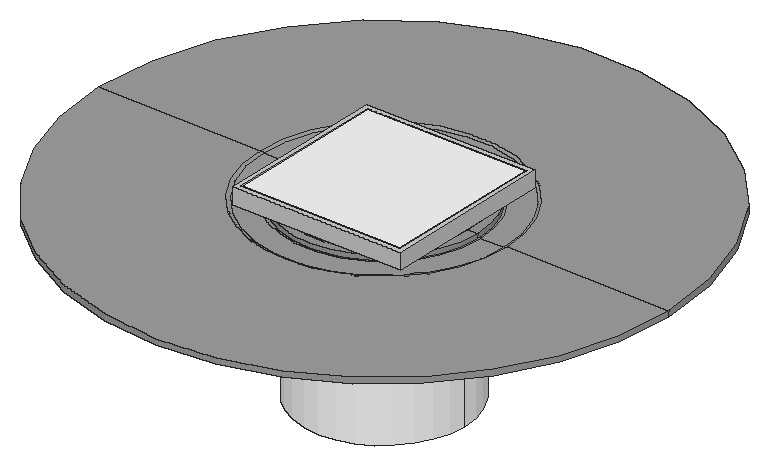
Revit family "HL_Трап для внутренних помещений_HL72.1H", category Instalační zařizovací předměty, Revit 2016
Family settings
  Typ součásti = Normální
  Kóta kulaté spojky = Použít průměr
  Číslo OmniClass = 23.70.50.21.24.14
  Nadpis OmniClass = Deck Waste Water Drains
  Založené na pracovní rovině = Ne
  Vždy vertikální = Ano
  Ořezat dutým tvarem při načtení = Ne
  Sdílené = Ano
  Bod výpočtu místnosti = Ano
Parameters (values of type "HL72.1H")
  РЕШЁТКА = "138x138mm / Kunststoff"
  РАЗМЕР = "DN75/110"
  ПРОПУСКНАЯ СПОСОБНОСТЬ = 1.5 L/s
  ПРОИЗВОДИТЕЛЬНОСТЬ = "1,5 l/s"
  ПРАВОВАЯ ИНФОРМАЦИЯ = "Авторские права(©), права на дизайн или какие либо другие права интелектуальной собственности являются исключительной собственностью компании HL Hutterer & Lechner. Изменению не подлежит. Файл семейства с данными о прозводителе изделия защищен паролем с водяным знаком."  # constant formula
  НОМИНАЛЬНЫЙ ДИАМЕТР = 110 mm
  НАСАДКА = "20-70mm / 147x147mm / PP"
  МАТЕРИАЛ = "PP"
  МАКСИМАЛЬНАЯ НАГРУЗКА КЛАССА = "K3 - 300 kg"
  ВЫСОТА МОНТАЖА = "170mm"
  ВЕС = "2,08 [kg]"
  Připojení ventilace = no
  Výrobce = "HL Hutterer & Lechner GmbH"  # constant formula
  URL = "http://www.hutterer-lechner.com/ru/products/catalog/floor-drains/attachments/HL72.1h.aspx"
  Připojení odpadu = yes
  Připojení HW = no
  Popis = "Трапы для внутренних помещений"
  Model = "HL72.1H"
  Komentáře k typům = "HL72.1H Трап для внутренних помещений DN75/110 горизонтальный с битумным полотном, 147х147мм/138х138 синтетический материал."
  Keynote = "HL72.1H"
  Высота монтажа [instance] = 170 mm
  EAN = "9003076997213"
  E = НОМИНАЛЬНЫЙ ДИАМЕТР = 110 mm  # yes
  DN_test [instance] = if(or(НОМИНАЛЬНЫЙ ДИАМЕТР = 75 mm, НОМИНАЛЬНЫЙ ДИАМЕТР = 110 mm), 30 mm, 0 mm)  # 30 mm
  Připojení CW = no
  C [instance] = if(НОМИНАЛЬНЫЙ ДИАМЕТР = 75 mm, 153.7 mm, 187 mm)  # 187 mm
  B [instance] = if(НОМИНАЛЬНЫЙ ДИАМЕТР = 110 mm, Высота монтажа - 66.1 mm, Высота монтажа - 72.1 mm)  # 103.9 mm
  A [instance] = if(B - 100 mm > 15 mm, B - 100 mm, 15 mm)  # 15 mm
Reference planes
  plane 1 "Center (Front/Back)": y = 0
  plane 2: z = 0
  plane 3 "Center (Left/Right)": x = 0
  plane 4 "Ball Joint Vertical": x = 25.45
  plane 5: z = -170
  plane 6: z = -103.9
Lines and regions (mm)
  model lines, style "InvisibleLines"
    curve 1: line (0, 0, 0) -> (0, 0, 1000)
  reference lines
    curve 2: line (0, 0, -103.9) -> (-187, 0, -103.9)
  model lines, detail levels coarse+medium
    curve 3: line (0, 0, -103.9) -> (0, 0, -88.9)
    curve 4: line (0, 0, -88.9) -> (88.9, 0, 0)
    curve 5: line (0, 0, -88.9) -> (-88.9, 0, 0)
    curve 23: line (0, 0, -103.9) -> (-187, 0, -103.9)
  symbolic lines, detail levels coarse+medium
    curve 6: line (-75, 75, 0) -> (75, 75, 0)
    curve 7: line (-75, -75, 0) -> (-75, 75, 0)
    curve 8: line (75, -75, 0) -> (-75, -75, 0)
    curve 9: line (75, 75, 0) -> (75, -75, 0)
    curve 10: line (75, 75, 0) -> (145.711, 145.711, 0)
    curve 11: line (75, -75, 0) -> (145.711, -145.711, 0)
    curve 12: line (-75, 75, 0) -> (-145.711, 145.711, 0)
    curve 13: line (-75, -75, 0) -> (-145.711, -145.711, 0)
  symbolic lines, not visible, detail levels coarse+medium
    curve 14: line (-75, 75, 0) -> (75, 75, 0)
    curve 15: line (-75, -75, 0) -> (-75, 75, 0)
    curve 16: line (75, -75, 0) -> (-75, -75, 0)
    curve 17: line (75, 75, 0) -> (75, -75, 0)
    curve 18: line (75, 75, 0) -> (145.711, 145.711, 0)
    curve 19: line (75, -75, 0) -> (145.711, -145.711, 0)
    curve 20: line (-75, 75, 0) -> (-145.711, 145.711, 0)
    curve 21: line (-75, -75, 0) -> (-145.711, -145.711, 0)
  symbolic lines, style "InvisibleLines", not visible
    curve 22: line (0, 0, 0) -> (0, 0, -30)
Text (mm)
  text "ROOF/FLOOR" at (-198.233, 0, -26.556), in view "Drain Construction View"
Dimensions and locks
  locked: plane 4 "Ball Joint Vertical" to plane 3 "Center (Left/Right)" at 25.45
  "Высота монтажа": plane 2 to plane 5
  "A": curve 5 to plane 6
  "B": curve 5 to plane 6
  "B": curve 4 to plane 6
  "B": plane 2 to plane 6
  locked: nested 1 to plane 5
  locked: nested 3 to plane 5 at 11.05
  "DN_test": curve 22 to curve 22
  "C": plane 3 "Center (Left/Right)" to curve 23
  "C": plane 3 "Center (Left/Right)" to curve 2
  locked: curve 4 to plane 3 "Center (Left/Right)" (angle 45.00°)
  locked: plane 3 "Center (Left/Right)" to curve 5 (angle 45.00°)
  aligned and locked: level to plane 2
  aligned and locked: plane 2 to curve 1
  aligned and locked: plane 3 "Center (Left/Right)" to curve 1
  aligned and locked: plane 3 "Center (Left/Right)" to curve 2
  aligned and locked: plane 3 "Center (Left/Right)" to curve 3
  aligned and locked: plane 3 "Center (Left/Right)" to curve 5
  aligned and locked: nested 1 to nested 4
  aligned and locked: plane 6 to curve 23
Automatic sketch dimensions
  level to curve 1 = 1000 mm
  curve 2 to plane 6 = 0 mm
Nested families
  nested 1: "HL_Корпус для трапа внутренних помещений_HL72.1KH" at (0, 0, -14.2), type "HL72.1KH_Main Component"
  nested 2: "HL_Насадка_HL0317.2E" at (0, 0, 0), type "HL0317.2E_Main Component"
    with Высота монтажа 49.5 mm, ВМ_Тест yes, ВМ 69.5 mm
  nested 3: "HL_Уменьшение_HL0317.4E" at (-113, 0, -158.95) x (-1, 0, 0) z (0, 0, -1), visible <- "E", type "HL0317.4E_Main Component"
  nested 4: "HL_Песколовка_HL0317.5E" at (0, 0, -20.45), type "HL0317.5E_Main Component"
  nested 5: "HL_Решётка_HL072.1E" at (0, 0, 0), type "HL072.1E_Main Component"
Connectors
  piping at (-187, 0, -103.9), diameter 110, driven by "ПРОПУСКНАЯ СПОСОБНОСТЬ", driven by "НОМИНАЛЬНЫЙ ДИАМЕТР"
    settings: on curve 2, index 1, connector inside diameter 609.6 mm, connector length 0 mm, flow factor 0, pipe flow 1.5 L/s, pressure drop 0.0 Pa, fitting loss kfactor 0, connector angle 0.00°, fixture units 0, engagement length 0 mm, angle of deflection 0.00°, flow configuration 1, flow direction 2, fitting loss method 0, system type 16, joint type 0, gender type 0, connector reference index -1, connector utility 0, adjustable connector yes, is connector primary yes, connector description ""
Definition of nested family "HL_Корпус для трапа внутренних помещений_HL72.1KH"
  Parameters (values of type "HL72.1KH")
    РАЗМЕР = "DN75/110"
    ПРОИЗВОДИТЕЛЬНОСТЬ = "1,5 l/s"
    ПРАВОВАЯ ИНФОРМАЦИЯ = "Авторские права(©), права на дизайн или какие либо другие права интелектуальной собственности являются исключительной собственностью компании HL Hutterer & Lechner. Изменению не подлежит. Файл семейства с данными о прозводителе изделия защищен паролем с водяным знаком."  # constant formula
    МАТЕРИАЛ = "PP"
    ВЫСОТА МОНТАЖА = "150mm"
    ВЕС = "1,57 [kg]"
    Waste Connection = yes
    Vent Connection = no
    Manufacturer = "HL Hutterer & Lechner GmbH"  # constant formula
    URL = "http://www.hutterer-lechner.com/ru/Products/catalog/floor-drains/attachments/HL72.1KH.aspx"
    HW Connection = no
    Description = "Трапы для внутренних помещений - Комплектующие"
    Model = "HL72.1KH"
    Type Comments = "HL72.1KH"
    Keynote = "HL72.1KH"
    EAN = "9003076008995"
    CW Connection = no
  Reference planes
    plane 1 "Center (Front/Back)": y = 0
    plane 2: z = 0
    plane 3 "Center (Left/Right)": x = 0
    plane 4 "Ball Joint Vertical": x = 25.45
  Forms (mm)
    Revolve 1, solid, detail levels fine
      sketch origin (0, 0, 0) x (1, 0, 0) y (0, 0, 1)
        loop
          line (0, -155.8) -> (71, -155.8) -> (71, -40.3) -> (83.205, -40.3) -> (89.5, -26.8) -> (89.5, -17) -> (94.734, -17) -> (95.169, -8.715) -> (79.5, -8.715) -> (79.5, -35.25) -> (68, -35.25) -> (68, -37.01) -> (60.505, -37.01) -> (60.505, -46.51) -> (68, -46.51) -> (68, -152.8) -> (0, -152.8) -> (0, -155.8)
        axis (0, -8.715) -> (0, -155.8)
      angle from 0 to 360
    Revolve 2, solid, detail levels fine
      sketch origin (0, 0, 0) x (1, 0, 0) y (0, 0, 1)
        loop
          line (95.169, -8.715) -> (109.454, -7.465) -> (147.749, -6.796) -> (250, -6.796) -> (250, -1.759) -> (108.368, -1.759)
          arc (108.368, -1.759) -> (107.012, -2.429) -> (105.528, -2.714) r 5.645
          line (105.528, -2.714) -> (85.378, -3.066)
          arc (85.378, -3.066) -> (83.904, -3.254) -> (82.5, -3.74) r 7.21
          line (82.5, -3.74) -> (82.5, -8.715) -> (95.169, -8.715)
        axis (0, -1.759) -> (0, -8.715)
      angle from 0 to 360
    Revolve 3, solid, detail levels fine
      sketch origin (0, 0, 0) x (1, 0, 0) y (0, 0, 1)
        loop
          line (82.5, 0) -> (74.9, 0)
          arc (74.9, 0) -> (72.291, -1.519) -> (72.325, -4.538) r 3
          line (72.325, -4.538) -> (72.999, -6.497) -> (72.999, -35.25) -> (79.5, -35.25) -> (79.5, -8.715) -> (82.5, -8.715) -> (82.5, 0)
        axis (0, 0) -> (0, -35.25)
      angle from 0 to 360
    Revolve 4, solid, detail levels fine
      sketch origin (0, 0, 0) x (1, 0, 0) y (0, 0, 1)
        loop
          line (-153.7, -46.25) -> (-153.7, -49.25) -> (-42.114, -49.25) -> (-42.114, -46.25) -> (-153.7, -46.25)
        axis (-153.7, -83.75) -> (-42.114, -83.75)
      angle from 0 to 360
    Extrusion 5, solid, detail levels fine
      sketch origin (0, 0, 0) x (1, 0, 0) y (0, 1, 0)
        loop
          circle (0, 0) r 60.505
      from -46.51 to -45.51
    Extrusion 6, void
      sketch origin (0, 0, 0) x (1, 0, 0) y (0, 1, 0)
        loop
          line (35.837, 48.75) -> (-19.675, 48.75) -> (-19.675, -48.75) -> (35.837, -48.75)
          arc (35.837, -48.75) -> (40.91, -44.579) -> (45.5, -39.883) r 60.505
          line (45.5, -39.883) -> (45.5, 39.883)
          arc (45.5, 39.883) -> (40.91, 44.579) -> (35.837, 48.75) r 60.505
      from -63.873 to -26.8
    Extrusion 7, solid, detail levels fine
      sketch origin (0, 0, 0) x (1, 0, 0) y (0, 1, 0)
        loop
          arc (35.837, 48.75) -> (34.778, 49.512) -> (33.702, 50.25) r 60.505
          line (33.702, 50.25) -> (-4.07, 50.25) -> (-4.07, 48.75) -> (35.837, 48.75)
        loop
          line (-4.07, -48.75) -> (-4.07, -50.25) -> (33.702, -50.25)
          arc (33.702, -50.25) -> (34.778, -49.512) -> (35.837, -48.75) r 60.505
          line (35.837, -48.75) -> (-4.07, -48.75)
        loop
          line (45.5, 39.883) -> (45.5, -39.883)
          arc (45.5, -39.883) -> (46.259, -39) -> (47, -38.103) r 60.505
          line (47, -38.103) -> (47, 38.103)
          arc (47, 38.103) -> (46.259, 39) -> (45.5, 39.883) r 60.505
      from -134.01 to -46.51
    Extrusion 8, solid, detail levels fine
      sketch origin (0, 0, 0) x (1, 0, 0) y (0, 0, 1)
        loop
          line (-21, -46.51) -> (-5.571, -134.01) -> (-4.07, -134.01) -> (-19.499, -46.51) -> (-21, -46.51)
      from 50.25 to -50.25
    Extrusion 9, solid, detail levels fine
      sketch origin (0, 0, 0) x (1, 0, 0) y (0, 0, 1)
        loop
          line (-4.07, -134.01) -> (-4.07, -46.51) -> (-19.499, -46.51) -> (-4.07, -134.01)
      from -48.75 to -50.25
    Extrusion 10, solid, detail levels fine
      sketch origin (0, 0, 0) x (1, 0, 0) y (0, 0, 1)
        loop
          line (-4.07, -46.51) -> (-19.499, -46.51) -> (-4.07, -134.01) -> (-4.07, -46.51)
      from 48.75 to 50.25
    Extrusion 11, void
      sketch origin (0, 0, 0) x (0, 1, 0) y (0, 0, 1)
        loop
          circle (0, -83.75) r 34.5
      from -42.114 to -128.469
    Revolve 12, void
      sketch origin (0, 0, 0) x (1, 0, 0) y (0, 0, 1)
        loop
          line (0, -129.446) -> (68, -129.446) -> (68, 17.174) -> (0, 17.174) -> (0, -129.446)
        axis (0, 17.174) -> (0, -129.446)
      angle from 0 to 360
    Extrusion 13, solid, detail levels fine
      sketch origin (0, 0, 0) x (1, 0, 0) y (0, 1, 0)
        loop
          arc (-30.916, 60.566) -> (-32.179, 59.904) -> (-33.429, 59.216) r 68
          arc (-33.429, 59.216) -> (-42.009, 0) -> (-33.429, -59.216) r 208.633
          arc (-33.429, -59.216) -> (-32.184, -59.901) -> (-30.926, -60.56) r 68
          arc (-30.926, -60.56) -> (-39.972, 0.003) -> (-30.916, 60.566) r 207.146
      from -75.3 to -152.8
  Cuts and joins
    Extrusion 11 cuts Revolve 1
    Extrusion 6 cuts Extrusion 5
    joined: Revolve 1, Extrusion 5, Extrusion 7, Extrusion 8, Extrusion 9, Extrusion 10, Extrusion 13
    Revolve 12 cuts Revolve 4
  Lines and regions (mm)
    model lines, detail levels fine
      curve 1: line (-5.307, 98.186, -1.759) -> (-3.194, 98.186, -1.759)
      curve 2: line (-4.093, 97.29, -1.759) -> (-5.307, 97.29, -1.759)
      curve 3: line (-4.093, 97.29, -1.759) -> (-4.093, 93.786, -1.759)
      curve 4: line (-3.194, 98.186, -1.759) -> (-3.194, 93.786, -1.759)
      curve 5: line (-1.279, 97.732, -1.759) -> (-1.279, 96.767, -1.759)
      curve 6: line (-2.179, 97.732, -1.759) -> (-2.179, 93.786, -1.759)
      curve 7: arc (-2.179, 97.732, -1.759) -> (-1.729, 98.182, -1.759) -> (-1.279, 97.732, -1.759) r 0.45
      curve 8: arc (-2.179, 93.786, -1.759) -> (-1.729, 93.336, -1.759) -> (-1.279, 93.786, -1.759) r 0.45
      curve 9: arc (-0.662, 96.154, -1.759) -> (-1.096, 96.333, -1.759) -> (-1.275, 96.767, -1.759) r 0.613
      curve 10: line (-1.279, 93.786, -1.759) -> (-1.279, 94.751, -1.759)
      curve 11: arc (-0.662, 95.364, -1.759) -> (-1.096, 95.185, -1.759) -> (-1.275, 94.751, -1.759) r 0.613
      curve 12: line (1.033, 97.732, -1.759) -> (1.033, 96.767, -1.759)
      curve 13: line (1.933, 97.732, -1.759) -> (1.933, 93.786, -1.759)
      curve 14: arc (1.933, 97.732, -1.759) -> (1.483, 98.182, -1.759) -> (1.033, 97.732, -1.759) r 0.45
      curve 15: arc (1.933, 93.786, -1.759) -> (1.483, 93.336, -1.759) -> (1.033, 93.786, -1.759) r 0.45
      curve 16: arc (0.417, 96.154, -1.759) -> (0.85, 96.333, -1.759) -> (1.03, 96.767, -1.759) r 0.613
      curve 17: line (1.033, 93.786, -1.759) -> (1.033, 94.751, -1.759)
      curve 18: arc (0.417, 95.364, -1.759) -> (0.85, 95.185, -1.759) -> (1.03, 94.751, -1.759) r 0.613
      curve 19: line (-0.662, 96.154, -1.759) -> (0.417, 96.154, -1.759)
      curve 20: line (-0.662, 95.364, -1.759) -> (0.417, 95.364, -1.759)
      curve 21: arc (-5.307, 98.186, -1.759) -> (-5.755, 97.738, -1.759) -> (-5.307, 97.29, -1.759) r 0.448
      curve 22: arc (-3.194, 93.786, -1.759) -> (-3.644, 93.337, -1.759) -> (-4.093, 93.786, -1.759) r 0.45
  Text (mm)
    text "ROOF/FLOOR" at (-198.233, 0, -26.556), in view "Drain Construction View"
  Dimensions and locks
    locked: plane 4 "Ball Joint Vertical" to plane 3 "Center (Left/Right)" at 25.45
    aligned and locked: level to plane 2
Definition of nested family "HL_Насадка_HL0317.2E"
  Parameters (values of type "HL0317.2E")
    РАЗМЕР = "d 145 mm"
    ПРАВОВАЯ ИНФОРМАЦИЯ = "Авторские права(©), права на дизайн или какие либо другие права интелектуальной собственности являются исключительной собственностью компании HL Hutterer & Lechner. Изменению не подлежит. Файл семейства с данными о прозводителе изделия защищен паролем с водяным знаком."  # constant formula
    НАСАДКА = "147x147mm"
    МАТЕРИАЛ = "PP-V2A"
    Высота монтажа [instance] = 70 mm
    ВЫСОТА МОНТАЖА = "20-70mm"
    ВМ_Тест [instance] = and(or(Высота монтажа < ВМ_Max, Высота монтажа > ВМ_Min, Высота монтажа = ВМ_Min))  # yes
    ВМ_Min = 20 mm
    ВМ_Max = 70 mm
    ВМ [instance] = if(ВМ_Тест, Высота монтажа + 20 mm, 0 mm)  # 90 mm
    ВЕС = "0,13 [kg]"
    Waste Connection = yes
    Vent Connection = no
    Manufacturer = "HL Hutterer & Lechner GmbH"  # constant formula
    URL = "http://www.hutterer-lechner.com/ru/Products/catalog/floor-drains/attachments/HL0317.2E.aspx"
    HW Connection = no
    Description = "Трапы для внутренних помещений - Комплектующие"
    Model = "HL0317.2E"
    Type Comments = "HL0317.2E Насадные подрамники d 145мм/90мм/147х147мм"
    Keynote = "HL0317.2E"
    EAN = "9003076317028"
    CW Connection = no
  Reference planes
    plane 1 "Center (Front/Back)": y = 0
    plane 2: z = 0
    plane 3 "Center (Left/Right)": x = 0
    plane 4 "Ball Joint Vertical": x = 25.45
    plane 5: z = -90
  Forms (mm)
    Extrusion 1, solid, detail levels fine
      sketch origin (0, 0, 0) x (1, 0, 0) y (0, 1, 0)
        loop
          line (69.5, 69.5) -> (-69.5, 69.5) -> (-69.5, -69.5) -> (69.5, -69.5) -> (69.5, 69.5)
        loop
          line (73.5, 73.5) -> (-73.5, 73.5) -> (-73.5, -73.5) -> (73.5, -73.5) -> (73.5, 73.5)
      from 0 to -14
    Extrusion 2, solid, detail levels fine
      sketch origin (0, 0, 0) x (1, 0, 0) y (0, 1, 0)
        loop
          line (-21.332, 69.5) -> (-69.5, 69.5) -> (-69.5, 21.332)
          arc (-69.5, 21.332) -> (-51.407, 51.407) -> (-21.332, 69.5) r 72.7
        loop
          line (69.5, 21.332) -> (69.5, 69.5) -> (21.332, 69.5)
          arc (21.332, 69.5) -> (51.407, 51.407) -> (69.5, 21.332) r 72.7
        loop
          line (21.332, -69.5) -> (69.5, -69.5) -> (69.5, -21.332)
          arc (69.5, -21.332) -> (51.407, -51.407) -> (21.332, -69.5) r 72.7
        loop
          line (-69.5, -21.332) -> (-69.5, -69.5) -> (-21.332, -69.5)
          arc (-21.332, -69.5) -> (-51.407, -51.407) -> (-69.5, -21.332) r 72.7
      from -5 to -14
    Revolve 3, solid, detail levels fine
      sketch origin (0, 0, 0) x (0, 1, 0) y (0, 0, 1)
        loop
          line (72.5, -14) -> (69.3, -14) -> (69.3, -90) -> (72.5, -90) -> (72.5, -14)
        axis (0, -14) -> (0, -90)
      angle from 0 to 360
  Cuts and joins
    joined: Extrusion 1, Extrusion 2, Revolve 3
  Lines and regions (mm)
    symbolic lines, not visible
      curve 1: line (0, 0, -90) -> (0, 0, 0)
    model lines
      curve 2: line (0, 0, 0) -> (0, 0, 100)
  Text (mm)
    text "ROOF/FLOOR" at (-198.233, 0, -26.556), in view "Drain Construction View"
  Dimensions and locks
    locked: plane 4 "Ball Joint Vertical" to plane 3 "Center (Left/Right)" at 25.45
    "ВМ": plane 2 to plane 5
    aligned and locked: level to plane 2
    aligned and locked: plane 5 to cut or joined group of Extrusion 1, Extrusion 2, Revolve 3
    aligned and locked: plane 2 to curve 1
    aligned and locked: plane 5 to curve 1
    aligned and locked: plane 3 "Center (Left/Right)" to curve 1
  Automatic sketch dimensions
    Extrusion 1 sketch curve to plane 3 "Center (Left/Right)" = 73.5 mm
    Extrusion 1 sketch curve to Extrusion 1 sketch curve = 4 mm  (x4)
    plane 4 "Ball Joint Vertical" to Extrusion 1 sketch curve = 44.05 mm
    plane 1 "Center (Front/Back)" to Extrusion 1 sketch curve = 73.5 mm
    Extrusion 1 sketch curve to plane 1 "Center (Front/Back)" = 69.5 mm
    Extrusion 2 sketch curve to Extrusion 2 sketch curve = 0 mm  (x13)
    plane 1 "Center (Front/Back)" to Extrusion 2 sketch curve = 0 mm
    Extrusion 2 sketch curve to plane 3 "Center (Left/Right)" = 0 mm
    Extrusion 2 sketch curve to plane 3 "Center (Left/Right)" = 21.332 mm  (x2)
    Extrusion 2 sketch curve to Extrusion 2 sketch curve = 48.168 mm  (x2)
    Extrusion 2 sketch curve to plane 4 "Ball Joint Vertical" = 4.118 mm  (x2)
    plane 4 "Ball Joint Vertical" to Extrusion 2 sketch curve = 44.05 mm  (x2)
    plane 1 "Center (Front/Back)" to Extrusion 2 sketch curve = 21.332 mm  (x2)
    Extrusion 2 sketch curve to plane 1 "Center (Front/Back)" = 21.332 mm
    Extrusion 2 sketch curve to plane 1 "Center (Front/Back)" = 69.5 mm
    Revolve 3 sketch curve to plane 1 "Center (Front/Back)" = 0 mm
    Revolve 3 sketch curve to plane 5 = 0 mm
    Revolve 3 sketch curve to level = 14 mm
    Revolve 3 sketch curve to plane 1 "Center (Front/Back)" = 69.3 mm
    Revolve 3 sketch curve to Revolve 3 sketch curve = 3.2 mm
    Revolve 3 sketch curve to plane 5 = 430.992 mm
    level to Revolve 3 sketch curve = 2741.474 mm
    curve 2 to curve 2 = 100 mm
Definition of nested family "HL_Уменьшение_HL0317.4E"
  Parameters (values of type "HL0317.4E")
    РАЗМЕР = "DN110xDN75"
    ПРАВОВАЯ ИНФОРМАЦИЯ = "Авторские права(©), права на дизайн или какие либо другие права интелектуальной собственности являются исключительной собственностью компании HL Hutterer & Lechner. Изменению не подлежит. Файл семейства с данными о прозводителе изделия защищен паролем с водяным знаком."  # constant formula
    МАТЕРИАЛ = "PP"
    ВЕС = "0,10 [kg]"
    Waste Connection = yes
    Vent Connection = no
    Manufacturer = "HL Hutterer & Lechner GmbH"  # constant formula
    URL = "http://www.hutterer-lechner.com/ru/Products/catalog/floor-drains/attachments/HL0317.4E.aspx"
    HW Connection = no
    Description = "Трапы для внутренних помещений - Комплектующие"
    Model = "HL0317.4E"
    Type Comments = "HL0317.4E Уменьшение DN110xDN75"
    Keynote = "HL0317.4E"
    EAN = "9003076317042"
    CW Connection = no
  Reference planes
    plane 1 "Center (Front/Back)": y = 0
    plane 2: z = 0
    plane 3 "Center (Left/Right)": x = 0
    plane 4 "Ball Joint Vertical": x = 25.45
  Forms (mm)
    Revolve 1, solid, detail levels fine
      sketch origin (0, 0, 0) x (1, 0, 0) y (0, 0, 1)
        loop
          line (74, -2.7) -> (74, 0) -> (0, 0) -> (0, -55) -> (3, -55) -> (3, -2.7) -> (74, -2.7)
        axis (74, -55) -> (0, -55)
      angle from 0 to 360
    Revolve 2, solid, detail levels fine
      sketch origin (0, 0, 0) x (1, 0, 0) y (0, 0, 1)
        loop
          line (-15, -21.165) -> (-15, -23.3) -> (39.9, -23.3) -> (39.9, -21.3) -> (0, -21.3) -> (0, -17) -> (-8.629, -17) -> (-11.112, -21.165) -> (-15, -21.165)
        axis (-15, -61) -> (39.9, -61)
      angle from 0 to 360
    Extrusion 3, void
      sketch origin (0, 0, 0) x (0, 1, 0) y (0, 0, 1)
        loop
          arc (-33.715, -46.537) -> (-35.917, -53.62) -> (-36.661, -61) r 36.983
          arc (-36.661, -61) -> (-12.182, -95.805) -> (28.85, -84.535) r 36.983
          arc (28.85, -84.535) -> (31.932, -80.198) -> (34.36, -75.463) r 36.983
          arc (34.36, -75.463) -> (36.561, -68.38) -> (37.305, -61) r 36.983
          arc (37.305, -61) -> (7.702, -24.761) -> (-33.715, -46.537) r 36.983
      from 55.439 to -38.757
  Cuts and joins
    Extrusion 3 cuts Revolve 1
  Text (mm)
    text "ROOF/FLOOR" at (-198.233, 0, -26.556), in view "Drain Construction View"
  Dimensions and locks
    locked: plane 4 "Ball Joint Vertical" to plane 3 "Center (Left/Right)" at 25.45
    aligned and locked: level to plane 2
Definition of nested family "HL_Песколовка_HL0317.5E"
  Parameters (values of type "HL0317.5E")
    ПРАВОВАЯ ИНФОРМАЦИЯ = "Авторские права(©), права на дизайн или какие либо другие права интелектуальной собственности являются исключительной собственностью компании HL Hutterer & Lechner. Изменению не подлежит. Файл семейства с данными о прозводителе изделия защищен паролем с водяным знаком."  # constant formula
    МАТЕРИАЛ = "PP"
    ВЕС = "0,03[kg]"
    Waste Connection = yes
    Vent Connection = no
    Manufacturer = "HL Hutterer & Lechner GmbH"  # constant formula
    URL = "http://www.hutterer-lechner.com/ru/Products/catalog/floor-drains/attachments/HL0317.5E.aspx"
    HW Connection = no
    Description = "Трапы для внутренних помещений - Комплектующие"
    Model = "HL0317.5E"
    Type Comments = "HL0317.5E Песколовка"
    Keynote = "HL0317.5E"
    EAN = "9003076317059"
    CW Connection = no
  Reference planes
    plane 1 "Center (Front/Back)": y = 0
    plane 2: z = 0
    plane 3 "Center (Left/Right)": x = 0
    plane 4 "Ball Joint Vertical": x = 25.45
  Forms (mm)
    Revolve 1, solid, detail levels fine
      sketch origin (0, 0, 0) x (0, 1, 0) y (0, 0, 1)
        loop
          line (69, -29) -> (69, 0) -> (67.3, 0) -> (67.3, -27.3) -> (22, -27.3) -> (22, -8) -> (19, -8) -> (19, -29) -> (69, -29)
        axis (0, 0) -> (0, -29)
      angle from 0 to 360
  Lines and regions (mm)
    model lines, detail levels fine
      curve 1: circle (-44.62, 0, -27.3) r 5 normal (0, 0, 1)
      curve 2: circle (0, 44.62, -27.3) r 5 normal (0, 0, 1)
      curve 3: circle (44.62, 0, -27.3) r 5 normal (0, 0, 1)
      curve 4: circle (0, -44.62, -27.3) r 5 normal (0, 0, -1)
      curve 5: circle (-38.642, 22.31, -27.3) r 5 normal (0, 0, 1)
      curve 6: circle (22.31, 38.642, -27.3) r 5 normal (0, 0, 1)
      curve 7: circle (38.642, -22.31, -27.3) r 5 normal (0, 0, 1)
      curve 8: circle (-22.31, -38.642, -27.3) r 5 normal (0, 0, -1)
      curve 9: circle (-22.31, 38.642, -27.3) r 5 normal (0, 0, 1)
      curve 10: circle (38.642, 22.31, -27.3) r 5 normal (0, 0, 1)
      curve 11: circle (22.31, -38.642, -27.3) r 5 normal (0, 0, 1)
      curve 12: circle (-38.642, -22.31, -27.3) r 5 normal (0, 0, -1)
  Text (mm)
    text "ROOF/FLOOR" at (-198.233, 0, -26.556), in view "Drain Construction View"
  Dimensions and locks
    locked: plane 4 "Ball Joint Vertical" to plane 3 "Center (Left/Right)" at 25.45
    aligned and locked: level to plane 2
Definition of nested family "HL_Решётка_HL072.1E"
  Parameters (values of type "HL072.1E")
    РАЗМЕР = "138x138 mm"
    ПРАВОВАЯ ИНФОРМАЦИЯ = "Авторские права(©), права на дизайн или какие либо другие права интелектуальной собственности являются исключительной собственностью компании HL Hutterer & Lechner. Изменению не подлежит. Файл семейства с данными о прозводителе изделия защищен паролем с водяным знаком."  # constant formula
    МАТЕРИАЛ = "PA"
    МАКСИМАЛЬНАЯ НАГРУЗКА КЛАССА = "K3 - 300 kg"
    ВЕС = "0,09 [kg]"
    Waste Connection = yes
    Vent Connection = no
    Manufacturer = "HL Hutterer & Lechner GmbH"  # constant formula
    URL = "http://www.hutterer-lechner.com/ru/Products/catalog/floor-drains/attachments/HL072.1E.aspx"
    HW Connection = no
    Description = "Трапы для внутренних помещений - Комплектующие"
    Model = "HL072.1E"
    Type Comments = "HL072.1E Решетка для сливного отверстия из пластмассы 138х138мм"
    Keynote = "HL072.1E"
    EAN = "9003076007219"
    CW Connection = no
  Reference planes
    plane 1 "Center (Front/Back)": y = 0
    plane 2: z = 0
    plane 3 "Center (Left/Right)": x = 0
    plane 4 "Ball Joint Vertical": x = 25.45
  Forms (mm)
    Extrusion 1, solid, detail levels fine
      sketch origin (0, 0, 0) x (1, 0, 0) y (0, 1, 0)
        loop
          line (-69, 69) -> (-69, -69) -> (69, -69) -> (69, 69) -> (-69, 69)
      from 0 to -5
    Extrusion 2, solid, detail levels fine
      sketch origin (0, 0, 0) x (1, 0, 0) y (0, 1, 0)
        loop
          line (-57, 57) -> (-57, -57) -> (57, -57) -> (57, 57) -> (-57, 57)
      from -5 to -10
  Cuts and joins
    joined: Extrusion 1, Extrusion 2
  Lines and regions (mm)
    model lines, detail levels fine
      curve 1: line (-53, 55.05, 0) -> (-49, 55.05, 0)
      curve 2: line (-47, 53.05, 0) -> (-47, 9.75, 0)
      curve 3: line (-55, 9.75, 0) -> (-55, 53.05, 0)
      curve 4: line (-49, 7.75, 0) -> (-53, 7.75, 0)
      curve 5: arc (-53, 55.05, 0) -> (-54.414, 54.464, 0) -> (-55, 53.05, 0) r 2
      curve 6: arc (-49, 55.05, 0) -> (-47.586, 54.464, 0) -> (-47, 53.05, 0) r 2
      curve 7: arc (-47, 9.75, 0) -> (-47.586, 8.336, 0) -> (-49, 7.75, 0) r 2
      curve 8: arc (-53, 7.75, 0) -> (-54.414, 8.336, 0) -> (-55, 9.75, 0) r 2
      curve 9: line (-36, 55.05, 0) -> (-32, 55.05, 0)
      curve 10: line (-30, 53.05, 0) -> (-30, 9.75, 0)
      curve 11: line (-38, 9.75, 0) -> (-38, 53.05, 0)
      curve 12: line (-32, 7.75, 0) -> (-36, 7.75, 0)
      curve 13: arc (-36, 55.05, 0) -> (-37.414, 54.464, 0) -> (-38, 53.05, 0) r 2
      curve 14: arc (-32, 55.05, 0) -> (-30.586, 54.464, 0) -> (-30, 53.05, 0) r 2
      curve 15: arc (-30, 9.75, 0) -> (-30.586, 8.336, 0) -> (-32, 7.75, 0) r 2
      curve 16: arc (-36, 7.75, 0) -> (-37.414, 8.336, 0) -> (-38, 9.75, 0) r 2
      curve 17: line (-19, 55.05, 0) -> (-15, 55.05, 0)
      curve 18: line (-13, 53.05, 0) -> (-13, 9.75, 0)
      curve 19: line (-21, 9.75, 0) -> (-21, 53.05, 0)
      curve 20: line (-15, 7.75, 0) -> (-19, 7.75, 0)
      curve 21: arc (-19, 55.05, 0) -> (-20.414, 54.464, 0) -> (-21, 53.05, 0) r 2
      curve 22: arc (-15, 55.05, 0) -> (-13.586, 54.464, 0) -> (-13, 53.05, 0) r 2
      curve 23: arc (-13, 9.75, 0) -> (-13.586, 8.336, 0) -> (-15, 7.75, 0) r 2
      curve 24: arc (-19, 7.75, 0) -> (-20.414, 8.336, 0) -> (-21, 9.75, 0) r 2
      curve 25: line (-2, 55.05, 0) -> (2, 55.05, 0)
      curve 26: line (4, 53.05, 0) -> (4, 9.75, 0)
      curve 27: line (-4, 9.75, 0) -> (-4, 53.05, 0)
      curve 28: line (2, 7.75, 0) -> (-2, 7.75, 0)
      curve 29: arc (-2, 55.05, 0) -> (-3.414, 54.464, 0) -> (-4, 53.05, 0) r 2
      curve 30: arc (2, 55.05, 0) -> (3.414, 54.464, 0) -> (4, 53.05, 0) r 2
      curve 31: arc (4, 9.75, 0) -> (3.414, 8.336, 0) -> (2, 7.75, 0) r 2
      curve 32: arc (-2, 7.75, 0) -> (-3.414, 8.336, 0) -> (-4, 9.75, 0) r 2
      curve 33: line (15, 55.05, 0) -> (19, 55.05, 0)
      curve 34: line (21, 53.05, 0) -> (21, 9.75, 0)
      curve 35: line (13, 9.75, 0) -> (13, 53.05, 0)
      curve 36: line (19, 7.75, 0) -> (15, 7.75, 0)
      curve 37: arc (15, 55.05, 0) -> (13.586, 54.464, 0) -> (13, 53.05, 0) r 2
      curve 38: arc (19, 55.05, 0) -> (20.414, 54.464, 0) -> (21, 53.05, 0) r 2
      curve 39: arc (21, 9.75, 0) -> (20.414, 8.336, 0) -> (19, 7.75, 0) r 2
      curve 40: arc (15, 7.75, 0) -> (13.586, 8.336, 0) -> (13, 9.75, 0) r 2
      curve 41: line (32, 55.05, 0) -> (36, 55.05, 0)
      curve 42: line (38, 53.05, 0) -> (38, 9.75, 0)
      curve 43: line (30, 9.75, 0) -> (30, 53.05, 0)
      curve 44: line (36, 7.75, 0) -> (32, 7.75, 0)
      curve 45: arc (32, 55.05, 0) -> (30.586, 54.464, 0) -> (30, 53.05, 0) r 2
      curve 46: arc (36, 55.05, 0) -> (37.414, 54.464, 0) -> (38, 53.05, 0) r 2
      curve 47: arc (38, 9.75, 0) -> (37.414, 8.336, 0) -> (36, 7.75, 0) r 2
      curve 48: arc (32, 7.75, 0) -> (30.586, 8.336, 0) -> (30, 9.75, 0) r 2
      curve 49: line (49, 55.05, 0) -> (53, 55.05, 0)
      curve 50: line (55, 53.05, 0) -> (55, 9.75, 0)
      curve 51: line (47, 9.75, 0) -> (47, 53.05, 0)
      curve 52: line (53, 7.75, 0) -> (49, 7.75, 0)
      curve 53: arc (49, 55.05, 0) -> (47.586, 54.464, 0) -> (47, 53.05, 0) r 2
      curve 54: arc (53, 55.05, 0) -> (54.414, 54.464, 0) -> (55, 53.05, 0) r 2
      curve 55: arc (55, 9.75, 0) -> (54.414, 8.336, 0) -> (53, 7.75, 0) r 2
      curve 56: arc (49, 7.75, 0) -> (47.586, 8.336, 0) -> (47, 9.75, 0) r 2
      curve 57: line (-53, -55.05, 0) -> (-49, -55.05, 0)
      curve 58: line (-47, -53.05, 0) -> (-47, -9.75, 0)
      curve 59: line (-55, -9.75, 0) -> (-55, -53.05, 0)
      curve 60: line (-49, -7.75, 0) -> (-53, -7.75, 0)
      curve 61: arc (-53, -55.05, 0) -> (-54.414, -54.464, 0) -> (-55, -53.05, 0) r 2
      curve 62: arc (-49, -55.05, 0) -> (-47.586, -54.464, 0) -> (-47, -53.05, 0) r 2
      curve 63: arc (-47, -9.75, 0) -> (-47.586, -8.336, 0) -> (-49, -7.75, 0) r 2
      curve 64: arc (-53, -7.75, 0) -> (-54.414, -8.336, 0) -> (-55, -9.75, 0) r 2
      curve 65: line (-36, -55.05, 0) -> (-32, -55.05, 0)
      curve 66: line (-30, -53.05, 0) -> (-30, -9.75, 0)
      curve 67: line (-38, -9.75, 0) -> (-38, -53.05, 0)
      curve 68: line (-32, -7.75, 0) -> (-36, -7.75, 0)
      curve 69: arc (-36, -55.05, 0) -> (-37.414, -54.464, 0) -> (-38, -53.05, 0) r 2
      curve 70: arc (-32, -55.05, 0) -> (-30.586, -54.464, 0) -> (-30, -53.05, 0) r 2
      curve 71: arc (-30, -9.75, 0) -> (-30.586, -8.336, 0) -> (-32, -7.75, 0) r 2
      curve 72: arc (-36, -7.75, 0) -> (-37.414, -8.336, 0) -> (-38, -9.75, 0) r 2
      curve 73: line (-19, -55.05, 0) -> (-15, -55.05, 0)
      curve 74: line (-13, -53.05, 0) -> (-13, -9.75, 0)
      curve 75: line (-21, -9.75, 0) -> (-21, -53.05, 0)
      curve 76: line (-15, -7.75, 0) -> (-19, -7.75, 0)
      curve 77: arc (-19, -55.05, 0) -> (-20.414, -54.464, 0) -> (-21, -53.05, 0) r 2
      curve 78: arc (-15, -55.05, 0) -> (-13.586, -54.464, 0) -> (-13, -53.05, 0) r 2
      curve 79: arc (-13, -9.75, 0) -> (-13.586, -8.336, 0) -> (-15, -7.75, 0) r 2
      curve 80: arc (-19, -7.75, 0) -> (-20.414, -8.336, 0) -> (-21, -9.75, 0) r 2
      curve 81: line (-2, -55.05, 0) -> (2, -55.05, 0)
      curve 82: line (4, -53.05, 0) -> (4, -9.75, 0)
      curve 83: line (-4, -9.75, 0) -> (-4, -53.05, 0)
      curve 84: line (2, -7.75, 0) -> (-2, -7.75, 0)
      curve 85: arc (-2, -55.05, 0) -> (-3.414, -54.464, 0) -> (-4, -53.05, 0) r 2
      curve 86: arc (2, -55.05, 0) -> (3.414, -54.464, 0) -> (4, -53.05, 0) r 2
      curve 87: arc (4, -9.75, 0) -> (3.414, -8.336, 0) -> (2, -7.75, 0) r 2
      curve 88: arc (-2, -7.75, 0) -> (-3.414, -8.336, 0) -> (-4, -9.75, 0) r 2
      curve 89: line (15, -55.05, 0) -> (19, -55.05, 0)
      curve 90: line (21, -53.05, 0) -> (21, -9.75, 0)
      curve 91: line (13, -9.75, 0) -> (13, -53.05, 0)
      curve 92: line (19, -7.75, 0) -> (15, -7.75, 0)
      curve 93: arc (15, -55.05, 0) -> (13.586, -54.464, 0) -> (13, -53.05, 0) r 2
      curve 94: arc (19, -55.05, 0) -> (20.414, -54.464, 0) -> (21, -53.05, 0) r 2
      curve 95: arc (21, -9.75, 0) -> (20.414, -8.336, 0) -> (19, -7.75, 0) r 2
      curve 96: arc (15, -7.75, 0) -> (13.586, -8.336, 0) -> (13, -9.75, 0) r 2
      curve 97: line (32, -55.05, 0) -> (36, -55.05, 0)
      curve 98: line (38, -53.05, 0) -> (38, -9.75, 0)
      curve 99: line (30, -9.75, 0) -> (30, -53.05, 0)
      curve 100: line (36, -7.75, 0) -> (32, -7.75, 0)
      curve 101: arc (32, -55.05, 0) -> (30.586, -54.464, 0) -> (30, -53.05, 0) r 2
      curve 102: arc (36, -55.05, 0) -> (37.414, -54.464, 0) -> (38, -53.05, 0) r 2
      curve 103: arc (38, -9.75, 0) -> (37.414, -8.336, 0) -> (36, -7.75, 0) r 2
      curve 104: arc (32, -7.75, 0) -> (30.586, -8.336, 0) -> (30, -9.75, 0) r 2
      curve 105: line (49, -55.05, 0) -> (53, -55.05, 0)
      curve 106: line (55, -53.05, 0) -> (55, -9.75, 0)
      curve 107: line (47, -9.75, 0) -> (47, -53.05, 0)
      curve 108: line (53, -7.75, 0) -> (49, -7.75, 0)
      curve 109: arc (49, -55.05, 0) -> (47.586, -54.464, 0) -> (47, -53.05, 0) r 2
      curve 110: arc (53, -55.05, 0) -> (54.414, -54.464, 0) -> (55, -53.05, 0) r 2
      curve 111: arc (55, -9.75, 0) -> (54.414, -8.336, 0) -> (53, -7.75, 0) r 2
      curve 112: arc (49, -7.75, 0) -> (47.586, -8.336, 0) -> (47, -9.75, 0) r 2
    model lines
      curve 113: line (0, 0, 0) -> (0, 0, 100)
  Text (mm)
    text "ROOF/FLOOR" at (-198.233, 0, -26.556), in view "Drain Construction View"
  Dimensions and locks
    locked: plane 4 "Ball Joint Vertical" to plane 3 "Center (Left/Right)" at 25.45
    aligned and locked: level to plane 2
